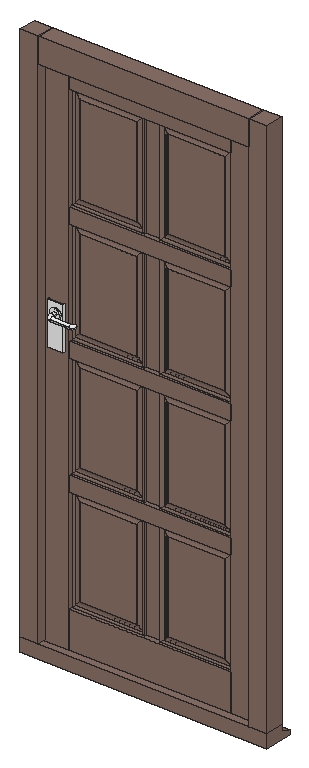
Revit family "DTI_A3-Swartland-Winsters-PD28", category Doors, host Wall, Revit 2016
Family settings
  Host = Wall
  OmniClass Number = 23.30.10.00
  OmniClass Title = Doors
  Always vertical = Yes
  Cut with Voids When Loaded = No
  Shared = No
  Room Calculation Point = No
Parameters (values of type "Swartland Winsters PD28")
  URL = "www.swartland.co.za"
  Rough Width = 923 mm
  Rough Height = 2165 mm
  Model = "PD28"
  Manufacturer = "Swartland Doors & Windows"
  Function = Exterior
  Frame Width = 70 mm
  Height = 2102 mm
  Wall Closure = By host
  Width = Door Width + (Frame Width * 2)  # 953 mm
  Frame Depth = 70 mm
  Door Width = 813 mm
  Door Material = Meranti
  Door Height = 2032 mm
  Door Frame Material = Meranti
  Description = "Solid Meranti Door - Colonial Eight Panel"
  Cill Height = 50 mm
  Assembly Code = ""
Reference planes
  plane 1 "Centre (Front/Back)": y = 0
  plane 2 "Center (Left/Right)": x = 0
  plane 3 "Left": x = -476.5
  plane 4 "Right": x = 476.5
  plane 5: z = 2152
  plane 6 "Exterior": y = 75
  plane 7 "Interior": y = -75
  plane 8: y = -35
  plane 9 "Frame exterior": y = 35
  plane 10: z = 2082
  plane 11: x = 406.5
  plane 12: x = -406.5
  plane 13 "Cill Level": z = 50
  plane 14: z = 1094.604
  plane 15 "Centre of door": y = 17.751
Forms (mm)
  Extrusion 1, solid, material "Meranti" <- "Door Frame Material"
    sketch origin (0, 0, 50) x (1, 0, 0) y (0, 1, 0)
      loop
        line (-476.5, 35) -> (-476.5, -35) -> (-406.5, -35) -> (-406.5, 35) -> (-476.5, 35)
    from 0 to 2102 <- "Height"
  Extrusion 2, solid, material "Meranti" <- "Door Frame Material"
    sketch origin (0, 0, 50) x (-1, 0, 0) y (0, -1, 0)
      loop
        line (-476.5, -35) -> (-406.5, -35) -> (-406.5, 35) -> (-476.5, 35) -> (-476.5, -35)
    from 0 to 2102 <- "Height"
  Extrusion 3, solid, material "Meranti" <- "Door Frame Material"
    sketch origin (0, 0, 0) x (0, 1, 0) y (0, 0, 1)
      loop
        line (-35, 50) -> (-35, 0) -> (75, 0) -> (75, 15) -> (35, 31.321) -> (35, 50) -> (-35, 50)
    from -476.5 to 476.5
  Extrusion 4, solid, material "Meranti"
    sketch origin (0, 0, 0) x (0, 1, 0) y (0, 0, 1)
      loop
        line (35, 2152) -> (-35, 2152) -> (-35, 2057) -> (-5, 2057) -> (-5, 2082) -> (35, 2082) -> (35, 2152)
    from 406.5 to -406.5
  Extrusion 5, solid, material "Meranti" <- "Door Material"
    sketch origin (0, 35, 0) x (0, 0, -1) y (-1, 0, 0)
      loop
        line (-50, -406.5) -> (-50, -311.5) -> (-2082, -311.5) -> (-2082, -406.5) -> (-50, -406.5)
    from -40 to 0
  Extrusion 6, solid, material "Meranti" <- "Door Material"
    sketch origin (0, 35, 0) x (0, 0, -1) y (-1, 0, 0)
      loop
        line (-50, 406.5) -> (-2082, 406.5) -> (-2082, 311.5) -> (-50, 311.5) -> (-50, 406.5)
    from -40 to 0
  Extrusion 7, solid, material "Meranti" <- "Door Material"
    sketch origin (0, 35, -1.104) x (0, 0, -1) y (-1, 0, 0)
      loop
        line (-51.104, -311.5) -> (-51.104, 311.5) -> (-195.104, 311.5) -> (-195.104, -311.5) -> (-51.104, -311.5)
    from 0 to -40
  Extrusion 8, solid, material "Meranti"
    sketch origin (0, 35, 0) x (0, 0, -1) y (-1, 0, 0)
      loop
        line (-1989, -311.5) -> (-1989, 311.5) -> (-2082, 311.5) -> (-2082, -311.5) -> (-1989, -311.5)
    from 0 to -40
  Extrusion 9, solid, material "Meranti"
    sketch origin (0, 35, 0) x (0, 0, -1) y (-1, 0, 0)
      loop
        line (-1583, -311.5) -> (-1524, -311.5) -> (-1524, 311.5) -> (-1583, 311.5) -> (-1583, -311.5)
    from 0 to -40
  Extrusion 10, solid, material "Meranti"
    sketch origin (0, 35, -464) x (0, 0, -1) y (-1, 0, 0)
      loop
        line (-1583, -311.5) -> (-1524, -311.5) -> (-1524, 311.5) -> (-1583, 311.5) -> (-1583, -311.5)
    from 0 to -40
  Extrusion 11, solid, material "Meranti"
    sketch origin (0, 35, -927) x (0, 0, -1) y (-1, 0, 0)
      loop
        line (-1583, -311.5) -> (-1524, -311.5) -> (-1524, 311.5) -> (-1583, 311.5) -> (-1583, -311.5)
    from 0 to -40
  Extrusion 12, solid, material "Meranti"
    sketch origin (0, 35, 0) x (0, 0, -1) y (-1, 0, 0)
      loop
        line (-1989, -29.5) -> (-1583, -29.5) -> (-1583, 29.5) -> (-1989, 29.5) -> (-1989, -29.5)
    from 20 to -20
  Extrusion 13, solid, material "Meranti"
    sketch origin (0, 35, -465) x (0, 0, -1) y (-1, 0, 0)
      loop
        line (-1989, -29.5) -> (-1584, -29.5) -> (-1584, 29.5) -> (-1989, 29.5) -> (-1989, -29.5)
    from 20 to -20
  Extrusion 14, solid, material "Meranti"
    sketch origin (0, 35, -929) x (0, 0, -1) y (-1, 0, 0)
      loop
        line (-1989, -29.5) -> (-1585, -29.5) -> (-1585, 29.5) -> (-1989, 29.5) -> (-1989, -29.5)
    from 20 to -20
  Extrusion 15, solid, material "Meranti"
    sketch origin (0, 35, -1392) x (0, 0, -1) y (-1, 0, 0)
      loop
        line (-1989, -29.5) -> (-1586, -29.5) -> (-1586, 29.5) -> (-1989, 29.5) -> (-1989, -29.5)
    from 20 to -20
  Sweep 16, solid, material "Meranti"
    path origin (0, 17.751, 0) x (0, 0, 1) y (1, 0, 0)
      loop
        line (1989, 311.5) -> (1583, 311.5) -> (1583, 29.5) -> (1989, 29.5) -> (1989, 311.5)
    profile "Door Panel Profile : Door Panel Profile" origin (170.5, 17.751, 1989) x (0, 0, 1) y (0, 1, 0)
      loop
        arc (-29.957, -10) -> (-20.328, -6.22) -> (-10, -5.624) r 32.832
        arc (-10, -5.624) -> (-5.764, -9.652) -> (0, -10.624) r 10
        line (0, -10.624) -> (0, 0) -> (0, 10.624)
        arc (0, 10.624) -> (-5.764, 9.652) -> (-10, 5.624) r 10
        arc (-10, 5.624) -> (-20.328, 6.22) -> (-29.957, 10) r 32.832
        line (-29.957, 10) -> (-29.957, 0) -> (-29.957, -10)
  Sweep 17, solid, material "Meranti"
    path origin (-340.996, 17.751, 0) x (0, 0, 1) y (1, 0, 0)
      loop
        line (1989, 311.5) -> (1583, 311.5) -> (1583, 29.5) -> (1989, 29.5) -> (1989, 311.5)
    profile "Door Panel Profile : Door Panel Profile" origin (-170.496, 17.751, 1989) x (0, 0, 1) y (0, 1, 0)
      loop
        arc (-29.957, -10) -> (-20.328, -6.22) -> (-10, -5.624) r 32.832
        arc (-10, -5.624) -> (-5.764, -9.652) -> (0, -10.624) r 10
        line (0, -10.624) -> (0, 0) -> (0, 10.624)
        arc (0, 10.624) -> (-5.764, 9.652) -> (-10, 5.624) r 10
        arc (-10, 5.624) -> (-20.328, 6.22) -> (-29.957, 10) r 32.832
        line (-29.957, 10) -> (-29.957, 0) -> (-29.957, -10)
  Sweep 18, solid, material "Meranti"
    path origin (-340.996, 17.751, -464.995) x (0, 0, 1) y (1, 0, 0)
      loop
        line (1989, 311.5) -> (1583, 311.5) -> (1583, 29.5) -> (1989, 29.5) -> (1989, 311.5)
    profile "Door Panel Profile : Door Panel Profile" origin (-170.496, 17.751, 1524.005) x (0, 0, 1) y (0, 1, 0)
      loop
        arc (-29.957, -10) -> (-20.328, -6.22) -> (-10, -5.624) r 32.832
        arc (-10, -5.624) -> (-5.764, -9.652) -> (0, -10.624) r 10
        line (0, -10.624) -> (0, 0) -> (0, 10.624)
        arc (0, 10.624) -> (-5.764, 9.652) -> (-10, 5.624) r 10
        arc (-10, 5.624) -> (-20.328, 6.22) -> (-29.957, 10) r 32.832
        line (-29.957, 10) -> (-29.957, 0) -> (-29.957, -10)
  Sweep 19, solid, material "Meranti"
    path origin (-340.996, 17.751, -928.995) x (0, 0, 1) y (1, 0, 0)
      loop
        line (1989, 311.5) -> (1583, 311.5) -> (1583, 29.5) -> (1989, 29.5) -> (1989, 311.5)
    profile "Door Panel Profile : Door Panel Profile" origin (-170.496, 17.751, 1060.005) x (0, 0, 1) y (0, 1, 0)
      loop
        arc (-29.957, -10) -> (-20.328, -6.22) -> (-10, -5.624) r 32.832
        arc (-10, -5.624) -> (-5.764, -9.652) -> (0, -10.624) r 10
        line (0, -10.624) -> (0, 0) -> (0, 10.624)
        arc (0, 10.624) -> (-5.764, 9.652) -> (-10, 5.624) r 10
        arc (-10, 5.624) -> (-20.328, 6.22) -> (-29.957, 10) r 32.832
        line (-29.957, 10) -> (-29.957, 0) -> (-29.957, -10)
  Sweep 20, solid, material "Meranti"
    path origin (-340.996, 17.751, -1391.995) x (0, 0, 1) y (1, 0, 0)
      loop
        line (1989, 311.5) -> (1583, 311.5) -> (1583, 29.5) -> (1989, 29.5) -> (1989, 311.5)
    profile "Door Panel Profile : Door Panel Profile" origin (-170.496, 17.751, 597.005) x (0, 0, 1) y (0, 1, 0)
      loop
        arc (-29.957, -10) -> (-20.328, -6.22) -> (-10, -5.624) r 32.832
        arc (-10, -5.624) -> (-5.764, -9.652) -> (0, -10.624) r 10
        line (0, -10.624) -> (0, 0) -> (0, 10.624)
        arc (0, 10.624) -> (-5.764, 9.652) -> (-10, 5.624) r 10
        arc (-10, 5.624) -> (-20.328, 6.22) -> (-29.957, 10) r 32.832
        line (-29.957, 10) -> (-29.957, 0) -> (-29.957, -10)
  Sweep 21, solid, material "Meranti"
    path origin (0.004, 17.751, -1391.995) x (0, 0, 1) y (1, 0, 0)
      loop
        line (1989, 311.5) -> (1583, 311.5) -> (1583, 29.5) -> (1989, 29.5) -> (1989, 311.5)
    profile "Door Panel Profile : Door Panel Profile" origin (170.504, 17.751, 597.005) x (0, 0, 1) y (0, 1, 0)
      loop
        arc (-29.957, -10) -> (-20.328, -6.22) -> (-10, -5.624) r 32.832
        arc (-10, -5.624) -> (-5.764, -9.652) -> (0, -10.624) r 10
        line (0, -10.624) -> (0, 0) -> (0, 10.624)
        arc (0, 10.624) -> (-5.764, 9.652) -> (-10, 5.624) r 10
        arc (-10, 5.624) -> (-20.328, 6.22) -> (-29.957, 10) r 32.832
        line (-29.957, 10) -> (-29.957, 0) -> (-29.957, -10)
  Sweep 22, solid, material "Meranti"
    path origin (0.004, 17.751, -928.995) x (0, 0, 1) y (1, 0, 0)
      loop
        line (1989, 311.5) -> (1583, 311.5) -> (1583, 29.5) -> (1989, 29.5) -> (1989, 311.5)
    profile "Door Panel Profile : Door Panel Profile" origin (170.504, 17.751, 1060.005) x (0, 0, 1) y (0, 1, 0)
      loop
        arc (-29.957, -10) -> (-20.328, -6.22) -> (-10, -5.624) r 32.832
        arc (-10, -5.624) -> (-5.764, -9.652) -> (0, -10.624) r 10
        line (0, -10.624) -> (0, 0) -> (0, 10.624)
        arc (0, 10.624) -> (-5.764, 9.652) -> (-10, 5.624) r 10
        arc (-10, 5.624) -> (-20.328, 6.22) -> (-29.957, 10) r 32.832
        line (-29.957, 10) -> (-29.957, 0) -> (-29.957, -10)
  Sweep 23, solid, material "Meranti"
    path origin (0.004, 17.751, -464.995) x (0, 0, 1) y (1, 0, 0)
      loop
        line (1989, 311.5) -> (1583, 311.5) -> (1583, 29.5) -> (1989, 29.5) -> (1989, 311.5)
    profile "Door Panel Profile : Door Panel Profile" origin (170.504, 17.751, 1524.005) x (0, 0, 1) y (0, 1, 0)
      loop
        arc (-29.957, -10) -> (-20.328, -6.22) -> (-10, -5.624) r 32.832
        arc (-10, -5.624) -> (-5.764, -9.652) -> (0, -10.624) r 10
        line (0, -10.624) -> (0, 0) -> (0, 10.624)
        arc (0, 10.624) -> (-5.764, 9.652) -> (-10, 5.624) r 10
        arc (-10, 5.624) -> (-20.328, 6.22) -> (-29.957, 10) r 32.832
        line (-29.957, 10) -> (-29.957, 0) -> (-29.957, -10)
  Extrusion 24, solid, material "Meranti"
    sketch origin (0, 17.751, 0) x (0, 0, 1) y (1, 0, 0)
      loop
        line (1959.041, 281.541) -> (1612.959, 281.541) -> (1612.959, 59.459) -> (1959.041, 59.459) -> (1959.041, 281.541)
    from 10 to -10
  Extrusion 25, solid, material "Meranti"
    sketch origin (-340.996, 17.751, 0) x (0, 0, 1) y (1, 0, 0)
      loop
        line (1959.041, 281.541) -> (1612.959, 281.541) -> (1612.959, 59.459) -> (1959.041, 59.459) -> (1959.041, 281.541)
    from 10 to -10
  Extrusion 26, solid, material "Meranti"
    sketch origin (-340.996, 17.751, -464.995) x (0, 0, 1) y (1, 0, 0)
      loop
        line (1959.041, 281.541) -> (1612.959, 281.541) -> (1612.959, 59.459) -> (1959.041, 59.459) -> (1959.041, 281.541)
    from 10 to -10
  Extrusion 27, solid, material "Meranti"
    sketch origin (-340.996, 17.751, -928.995) x (0, 0, 1) y (1, 0, 0)
      loop
        line (1959.041, 281.541) -> (1612.959, 281.541) -> (1612.959, 59.459) -> (1959.041, 59.459) -> (1959.041, 281.541)
    from 10 to -10
  Extrusion 28, solid, material "Meranti"
    sketch origin (-340.996, 17.751, -1391.995) x (0, 0, 1) y (1, 0, 0)
      loop
        line (1959.041, 281.541) -> (1612.959, 281.541) -> (1612.959, 59.459) -> (1959.041, 59.459) -> (1959.041, 281.541)
    from 10 to -10
  Extrusion 29, solid, material "Meranti"
    sketch origin (0.004, 17.751, -1391.995) x (0, 0, 1) y (1, 0, 0)
      loop
        line (1959.041, 281.541) -> (1612.959, 281.541) -> (1612.959, 59.459) -> (1959.041, 59.459) -> (1959.041, 281.541)
    from 10 to -10
  Extrusion 30, solid, material "Meranti"
    sketch origin (0.004, 17.751, -928.995) x (0, 0, 1) y (1, 0, 0)
      loop
        line (1959.041, 281.541) -> (1612.959, 281.541) -> (1612.959, 59.459) -> (1959.041, 59.459) -> (1959.041, 281.541)
    from 10 to -10
  Extrusion 31, solid, material "Meranti"
    sketch origin (0.004, 17.751, -464.995) x (0, 0, 1) y (1, 0, 0)
      loop
        line (1959.041, 281.541) -> (1612.959, 281.541) -> (1612.959, 59.459) -> (1959.041, 59.459) -> (1959.041, 281.541)
    from 10 to -10
Lines and regions (mm)
  Opening 1
    outline origin (-3050, -75, 0) x (1, 0, 0) y (0, 0, 1)
      loop
        line (2573.5, 0) -> (3526.5, 0) -> (3526.5, 2152) -> (2573.5, 2152) -> (2573.5, 0)
  symbolic lines, style "Elevation Swing"
    curve 1: line (406.5, -75, 1041) -> (-376.5, -75, 2082)
    curve 2: line (406.5, -75, 1041) -> (-376.5, -75, 50)
    curve 3: line (-376.5, 75, 50) -> (406.5, 75, 1041)
    curve 4: line (406.5, 75, 1041) -> (-376.5, 75, 2082)
  symbolic lines
    curve 5: line (406.5, -35, 0) -> (406.5, -848, 0)
    curve 6: arc (406.5, -848, 0) -> (-168.378, -609.878, 0) -> (-406.5, -35, 0) r 813
Text (mm)
  text "Exterior" at (-2295.016, 1099.543, 0), in view "Ref. Level"
  text "Exterior" at (0, 1615.38, 3698.081), in view "Left"
  text "Exterior" at (0, 1036.032, 3874.932), in view "Right"
Dimensions and locks
  equal spacing: plane 3 "Left", plane 2 "Center (Left/Right)", plane 4 "Right"
  "Width": plane 3 "Left" to plane 4 "Right"
  equal spacing: host wall, curve 4, plane 10
  locked: plane 6 "Exterior" to host wall at 0
  locked: plane 7 "Interior" to host wall
  equal spacing: plane 9 "Frame exterior", plane 1 "Centre (Front/Back)", plane 8
  "Frame Depth": plane 9 "Frame exterior" to plane 8
  "Frame Width": plane 10 to plane 5
  "Door Width": plane 12 to plane 11
  plane 9 "Frame exterior" to plane 8 = 70 mm  (x2)
  "Door Height": plane 13 "Cill Level" to plane 10
  "Cill Height": level to plane 13 "Cill Level"
  "Frame Width": plane 11 to plane 4 "Right"
  plane 3 "Left" to plane 12 = 70 mm  (x2)
  level to Extrusion 3 = 50 mm  (x2)
  aligned and locked: plane 3 "Left" to Opening 1 sketch curve
  aligned and locked: plane 5 to Opening 1 sketch curve  (x2)
  aligned and locked: Opening 1 sketch curve to plane 4 "Right"
  aligned and locked: Opening 1 sketch curve to level
  aligned and locked: plane 1 "Centre (Front/Back)" to host wall
  aligned: Extrusion 2 to level
  aligned: Extrusion 1 to level
  aligned: plane 12 to Extrusion 3
  aligned: Extrusion 3 to plane 11
  aligned and locked: Extrusion 3 to host wall  (x2)
  aligned and locked: Extrusion 2 to plane 13 "Cill Level"
  aligned and locked: Extrusion 1 to plane 13 "Cill Level"
  aligned and locked: Extrusion 2 to host wall
  aligned and locked: Extrusion 1 to host wall
  aligned and locked: curve 2 to curve 3
Automatic sketch dimensions
  curve 1 to plane 10 = 0 mm
  plane 11 to curve 2 = 0 mm
  curve 2 to plane 13 "Cill Level" = 0 mm
  curve 1 to plane 12 = 30 mm
  Extrusion 1 sketch curve to plane 3 "Left" = 0 mm
  Extrusion 1 sketch curve to plane 9 "Frame exterior" = 0 mm
  Extrusion 1 sketch curve to plane 12 = 0 mm
  Extrusion 1 sketch curve to plane 8 = 0 mm
  Extrusion 2 sketch curve to plane 4 "Right" = 0 mm
  Extrusion 2 sketch curve to plane 9 "Frame exterior" = 0 mm
  Extrusion 2 sketch curve to plane 11 = 0 mm
  Extrusion 2 sketch curve to plane 8 = 0 mm
  Extrusion 3 sketch curve to level = 0 mm
  Extrusion 3 sketch curve to plane 8 = 0 mm
  Extrusion 3 sketch curve to plane 9 "Frame exterior" = 0 mm
  Extrusion 3 sketch curve to host wall = 0 mm
  Extrusion 3 sketch curve to plane 13 "Cill Level" = 0 mm
  level to Extrusion 3 sketch curve = 15 mm
  Extrusion 3 sketch curve to Extrusion 3 sketch curve = 18.679 mm
  plane 5 to Extrusion 4 sketch curve = 0 mm
  Extrusion 4 sketch curve to plane 8 = 0 mm
  plane 10 to Extrusion 4 sketch curve = 0 mm
  Extrusion 4 sketch curve to plane 9 "Frame exterior" = 0 mm
  host wall to Extrusion 4 sketch curve = 5 mm
  plane 10 to Extrusion 4 sketch curve = 25 mm
  Extrusion 5 sketch curve to plane 10 = 0 mm
  plane 11 to Extrusion 5 sketch curve = 0 mm
  Extrusion 5 sketch curve to plane 13 "Cill Level" = 0 mm
  Extrusion 5 sketch curve to Extrusion 5 sketch curve = 95 mm
  Extrusion 6 sketch curve to plane 10 = 0 mm
  plane 12 to Extrusion 6 sketch curve = 0 mm
  Extrusion 6 sketch curve to plane 13 "Cill Level" = 0 mm
  Extrusion 6 sketch curve to Extrusion 6 sketch curve = 95 mm
  Extrusion 7 sketch curve to plane 13 "Cill Level" = 0 mm
  plane 13 "Cill Level" to Extrusion 7 sketch curve = 144 mm
  plane 11 to Extrusion 7 sketch curve = 95 mm
  Extrusion 7 sketch curve to plane 12 = 95 mm
  curve 4 to plane 10 = 0 mm
  curve 3 to plane 13 "Cill Level" = 0 mm
  plane 11 to curve 4 = 0 mm
  curve 3 to plane 12 = 30 mm
  curve 4 to plane 12 = 30 mm
  curve 6 to plane 8 = 0 mm
  curve 6 to plane 12 = 0 mm
  curve 6 to plane 11 = 0 mm
  curve 5 to plane 8 = 0 mm
  Extrusion 8 sketch curve to plane 10 = 0 mm
  plane 10 to Extrusion 8 sketch curve = 93 mm
  plane 11 to Extrusion 8 sketch curve = 95 mm
  Extrusion 8 sketch curve to plane 12 = 95 mm
  Extrusion 9 sketch curve to plane 12 = 95 mm
  plane 14 to Extrusion 9 sketch curve = 488.396 mm
  Extrusion 9 sketch curve to Extrusion 9 sketch curve = 59 mm
  plane 11 to Extrusion 9 sketch curve = 95 mm
  plane 14 to Extrusion 10 sketch curve = 24.396 mm
  Extrusion 10 sketch curve to plane 14 = 34.604 mm
  plane 11 to Extrusion 10 sketch curve = 95 mm
  Extrusion 10 sketch curve to plane 12 = 95 mm
  Extrusion 11 sketch curve to plane 12 = 95 mm
  Extrusion 11 sketch curve to plane 14 = 438.604 mm
  Extrusion 11 sketch curve to Extrusion 11 sketch curve = 59 mm
  plane 11 to Extrusion 11 sketch curve = 95 mm
  Extrusion 12 sketch curve to plane 2 "Center (Left/Right)" = 29.5 mm
  plane 10 to Extrusion 12 sketch curve = 93 mm
  plane 2 "Center (Left/Right)" to Extrusion 12 sketch curve = 29.5 mm
  Extrusion 12 sketch curve to Extrusion 12 sketch curve = 406 mm
  Extrusion 13 sketch curve to plane 2 "Center (Left/Right)" = 29.5 mm
  plane 14 to Extrusion 13 sketch curve = 429.396 mm
  plane 14 to Extrusion 13 sketch curve = 24.396 mm
  plane 2 "Center (Left/Right)" to Extrusion 13 sketch curve = 29.5 mm
  Extrusion 14 sketch curve to plane 14 = 34.604 mm
  plane 2 "Center (Left/Right)" to Extrusion 14 sketch curve = 29.5 mm
  Extrusion 14 sketch curve to Extrusion 14 sketch curve = 404 mm
  Extrusion 14 sketch curve to plane 2 "Center (Left/Right)" = 29.5 mm
  Extrusion 15 sketch curve to plane 2 "Center (Left/Right)" = 29.5 mm
  Extrusion 15 sketch curve to plane 14 = 497.604 mm
  plane 2 "Center (Left/Right)" to Extrusion 15 sketch curve = 29.5 mm
  plane 13 "Cill Level" to Extrusion 15 sketch curve = 144 mm
  plane 11 to Sweep 16 sketch curve = 95 mm
  plane 14 to Sweep 16 sketch curve = 488.396 mm
  plane 10 to Sweep 16 sketch curve = 93 mm
  plane 2 "Center (Left/Right)" to Sweep 16 sketch curve = 29.5 mm
  Sweep 17 sketch curve to plane 2 "Center (Left/Right)" = 29.496 mm
  plane 14 to Sweep 17 sketch curve = 488.396 mm
  plane 10 to Sweep 17 sketch curve = 93 mm
  Sweep 17 sketch curve to plane 12 = 95.004 mm
  plane 14 to Sweep 18 sketch curve = 23.401 mm
  Sweep 18 sketch curve to plane 2 "Center (Left/Right)" = 29.496 mm
  Sweep 18 sketch curve to Sweep 18 sketch curve = 406 mm
  Sweep 18 sketch curve to plane 12 = 95.004 mm
  Sweep 19 sketch curve to plane 2 "Center (Left/Right)" = 29.496 mm
  Sweep 19 sketch curve to plane 14 = 440.599 mm
  Sweep 19 sketch curve to plane 14 = 34.599 mm
  Sweep 19 sketch curve to plane 12 = 95.004 mm
  Sweep 20 sketch curve to plane 2 "Center (Left/Right)" = 29.496 mm
  plane 13 "Cill Level" to Sweep 20 sketch curve = 141.005 mm
  Sweep 20 sketch curve to Sweep 20 sketch curve = 406 mm
  Sweep 20 sketch curve to plane 12 = 95.004 mm
  plane 13 "Cill Level" to Sweep 21 sketch curve = 141.005 mm
  plane 11 to Sweep 21 sketch curve = 94.996 mm
  Sweep 21 sketch curve to Sweep 21 sketch curve = 406 mm
  plane 2 "Center (Left/Right)" to Sweep 21 sketch curve = 29.504 mm
  plane 11 to Sweep 22 sketch curve = 94.996 mm
  Sweep 22 sketch curve to plane 14 = 440.599 mm
  Sweep 22 sketch curve to plane 14 = 34.599 mm
  plane 2 "Center (Left/Right)" to Sweep 22 sketch curve = 29.504 mm
  plane 14 to Sweep 23 sketch curve = 23.401 mm
  plane 11 to Sweep 23 sketch curve = 94.996 mm
  Sweep 23 sketch curve to Sweep 23 sketch curve = 406 mm
  plane 2 "Center (Left/Right)" to Sweep 23 sketch curve = 29.504 mm
  plane 11 to Extrusion 24 sketch curve = 124.959 mm
  plane 10 to Extrusion 24 sketch curve = 469.041 mm
  plane 10 to Extrusion 24 sketch curve = 122.959 mm
  plane 2 "Center (Left/Right)" to Extrusion 24 sketch curve = 59.459 mm
  Extrusion 25 sketch curve to plane 2 "Center (Left/Right)" = 59.455 mm
  plane 10 to Extrusion 25 sketch curve = 469.041 mm
  plane 10 to Extrusion 25 sketch curve = 122.959 mm
  Extrusion 25 sketch curve to plane 12 = 124.963 mm
  plane 14 to Extrusion 26 sketch curve = 53.36 mm
  Extrusion 26 sketch curve to plane 2 "Center (Left/Right)" = 59.455 mm
  Extrusion 26 sketch curve to Extrusion 26 sketch curve = 346.082 mm
  Extrusion 26 sketch curve to plane 12 = 124.963 mm
  Extrusion 27 sketch curve to plane 2 "Center (Left/Right)" = 59.455 mm
  Extrusion 27 sketch curve to plane 14 = 410.64 mm
  Extrusion 27 sketch curve to plane 14 = 64.558 mm
  Extrusion 27 sketch curve to plane 12 = 124.963 mm
  Extrusion 28 sketch curve to plane 2 "Center (Left/Right)" = 59.455 mm
  plane 13 "Cill Level" to Extrusion 28 sketch curve = 170.963 mm
  Extrusion 28 sketch curve to Extrusion 28 sketch curve = 346.082 mm
  Extrusion 28 sketch curve to plane 12 = 124.963 mm
  plane 13 "Cill Level" to Extrusion 29 sketch curve = 170.963 mm
  plane 11 to Extrusion 29 sketch curve = 124.955 mm
  Extrusion 29 sketch curve to Extrusion 29 sketch curve = 346.082 mm
  plane 2 "Center (Left/Right)" to Extrusion 29 sketch curve = 59.463 mm
  plane 11 to Extrusion 30 sketch curve = 124.955 mm
  Extrusion 30 sketch curve to plane 14 = 410.64 mm
  Extrusion 30 sketch curve to plane 14 = 64.558 mm
  plane 2 "Center (Left/Right)" to Extrusion 30 sketch curve = 59.463 mm
  plane 14 to Extrusion 31 sketch curve = 53.36 mm
  plane 11 to Extrusion 31 sketch curve = 124.955 mm
  Extrusion 31 sketch curve to Extrusion 31 sketch curve = 346.082 mm
  plane 2 "Center (Left/Right)" to Extrusion 31 sketch curve = 59.463 mm
Nested families
  nested 1: "Handle Domestic (1)" at (-423.5, 35, 1200), type "Handle Domestic (1)"
  nested 2: "Handle Domestic (1)" at (-423.5, -5, 1200), type "Handle Domestic (1)"
Definition of nested family "Handle Domestic (1)"
  Parameters
    Manufacturer = "Revit"
    Material Ironmongery = none
    Handle Z Distance = 0 mm
    Handle X Distance = 65 mm
    Function = (empty or 0)
  Reference planes
    plane 1 "Center (Front/Back)": y = 0
    plane 2: z = 0
    plane 3 "Center (Left/Right)": x = 0
    plane 4: z = 0
    plane 5: x = 65
  Forms (mm)
    Extrusion 1, solid, material <- "Material Ironmongery", detail levels medium+fine
      sketch origin (0, 0, 0) x (1, 0, 0) y (0, 0, 1)
        loop
          line (35, 40) -> (35, -125) -> (95, -125) -> (95, 40) -> (35, 40)
      from 0 to -6
    Sweep 2, solid, material <- "Material Ironmongery", detail levels medium+fine
      path origin (0, 0, 0) x (0, -1, 0) y (1, 0, 0)
        loop
          line (-10.593, 65) -> (-26, 65)
          arc (-26, 65) -> (-36.607, 69.393) -> (-41, 80) r 15
          line (-41, 80) -> (-41, 152)
          arc (-41, 152) -> (-38.657, 157.657) -> (-33, 160) r 8
      profile origin (0, 18.296, 0) x (-1, 0, 0) y (0, 0, 1)
        loop
          circle (-65, 0) r 7
    Extrusion 3, solid, material <- "Material Ironmongery", detail levels medium+fine
      sketch origin (0, 0, 0) x (1, 0, 0) y (0, 0, 1)
        loop
          circle (65, 0) r 20
      from -6 to -10.593
  Dimensions and locks
    "Handle Z Distance": plane 4 to level
    "Handle X Distance": plane 5 to plane 3 "Center (Left/Right)"
    aligned and locked: Extrusion 1 to Extrusion 3
    aligned and locked: Extrusion 3 to Sweep 2 sketch curve
  Automatic sketch dimensions
    Sweep 2 sketch curve to plane 4 = 0 mm
    Sweep 2 sketch curve to profile plane = 0 mm
    Extrusion 3 sketch curve to plane 4 = 0 mm
    Extrusion 3 sketch curve to plane 5 = 0 mm
    Sweep 2 sketch curve to plane 5 = 0 mm
    Sweep 2 sketch curve to plane 1 "Center (Front/Back)" = 41 mm
    Sweep 2 sketch curve to Sweep 2 sketch curve = 8 mm
    Sweep 2 sketch curve to Sweep 2 sketch curve = 15 mm
    Sweep 2 sketch curve to Sweep 2 sketch curve = 72 mm
    plane 5 to Extrusion 1 sketch curve = 30 mm
    Extrusion 1 sketch curve to plane 5 = 30 mm
    plane 4 to Extrusion 1 sketch curve = 125 mm
    Extrusion 1 sketch curve to plane 4 = 40 mm
    radius of Sweep 2 sketch curve = 7 mm
    radius of Extrusion 3 sketch curve = 20 mm
